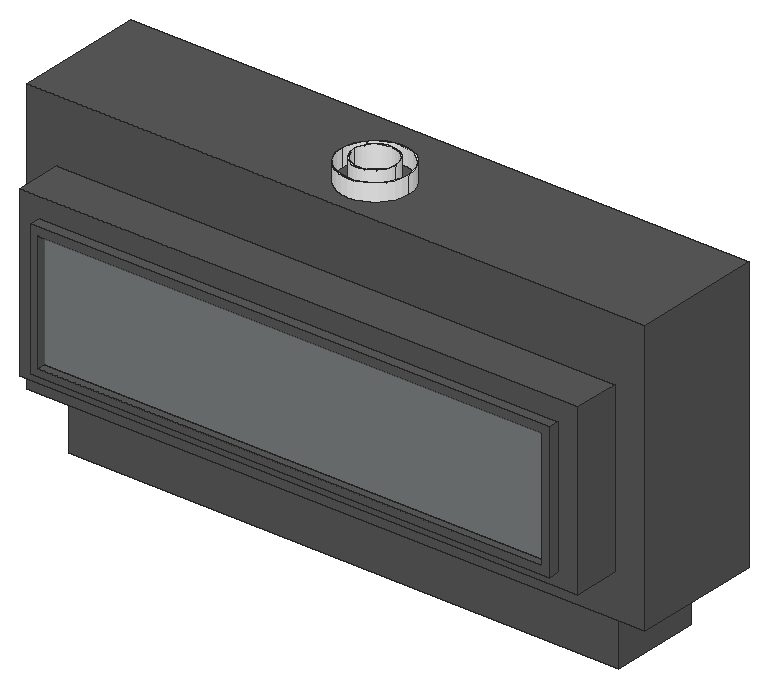
Revit family "R520", category Generic Models, Revit 2019
Family settings
  Can host rebar = No
  Round Connector Dimension = Use Diameter
  Part Type = Normal
  Work Plane-Based = No
  Always vertical = Yes
  Cut with Voids When Loaded = No
  Shared = No
  Room Calculation Point = No
Parameters
  Width = 12 5/16"
  URL = "https://www.montigo.com/"
  Model = ""
  Manufacturer Fax = ""
  Manufacturer Website = "https://www.montigo.com/"
  Manufacturer Phone - Toll Free = "800-378-3115"
  Manufacturer Phone = ""
  Manufacturer Address = "27342 Gloucester Way  Langley, BC, Canada   V4W 4A1"
  Manufacturer = "Montigo"
  Length = 53 7/16"
  Keynote = ""
  Glazing Tint = Glass - Montigo - Tint as Specified
  Frame Material = Metal - Montigo - Black
  Firebox Material = Metal - Montigo - White
  Fire Place Length = 50 5/16"
  Fire Place Height = 24 1/2"
  Fire Place - Opening = 16 9/16"
  Description = "Montigo Fireplace as Specified"
  Base Height = 6 9/16"
Reference planes (in)
  plane 1 "Center (Front/Back)": y = 0
  plane 2: z = 0
  plane 3 "Center (Left/Right)": x = 0
  plane 4: x = -36.341
  plane 5: x = 36.341
Forms (in)
  Extrusion 1, solid, material "Metal - Montigo - Black" <- "Frame Material"
    sketch origin (0, 0, 0) x (1, 0, 0) y (0, 1, 0)
      loop
        line (-36.341, 7.6685) -> (-36.341, -7.5755) -> (36.34099, -7.5755) -> (36.34099, 7.6685) -> (-36.341, 7.6685)
    from 38.0595 to 5.875
  Extrusion 2, solid, material "Metal - Montigo - Black" <- "Frame Material"
    sketch origin (0, 0, 0) x (1, 0, 0) y (0, 1, 0)
      loop
        line (-32.3557, 4.1695) -> (-32.3557, -6.40942) -> (32.3247, -6.40942) -> (32.3247, 4.1695) -> (-32.3557, 4.1695)
    from 5.875 to 0
  Extrusion 3, solid, material "Metal - Montigo - Black" <- "Frame Material"
    sketch origin (0, 0, 0) x (1, 0, 0) y (0, 1, 0)
      loop
        line (-32.776, -7.5755) -> (-32.776, -13.0105) -> (32.77599, -13.0105) -> (32.77599, -7.5755) -> (-32.776, -7.5755)
    from 30.622 to 10.843
  Extrusion 4, solid, material "Metal - Montigo - Black" <- "Frame Material"
    sketch origin (0, -5.435, 0) x (1, 0, 0) y (0, 1, 0)
      loop
        line (-30.518, -7.5755) -> (-30.518, -8.857) -> (30.519, -8.857) -> (30.519, -7.5755) -> (-30.518, -7.5755)
    from 28.27255 to 12.429
  Extrusion 5, void
    sketch origin (42.25, -6.4375, 0) x (-1, 0, 0) y (0, 0, -1)
      loop
        line (71.883, -13.344) -> (12.617, -13.344) -> (12.617, -27.358) -> (71.883, -27.358) -> (71.883, -13.344)
    from 7 to 12
Cuts and joins
  Extrusion 5 cuts Extrusion 1
  Extrusion 5 cuts Extrusion 3
  Extrusion 5 cuts Extrusion 4
Dimensions and locks (in)
  Extrusion 1 to Extrusion 1 to level = 32.1845", 5 7/8"
  Extrusion 1 to level = 38.0595"
  Extrusion 1 to Extrusion 1 = 72.68199"
  equal spacing: plane 4, plane 3 "Center (Left/Right)", plane 5
  plane 4 to plane 5 = 72.68199"
  locked: plane 4 to cut or joined group of Extrusion 3, Extrusion 5 at 3.565
  locked: cut or joined group of Extrusion 3, Extrusion 5 to plane 5 at 3.565
  cut or joined group of Extrusion 4, Extrusion 5 to cut or joined group of Extrusion 3, Extrusion 5 = 2.257"
  locked: cut or joined group of Extrusion 3, Extrusion 5 to cut or joined group of Extrusion 4, Extrusion 5 at 2.258
  locked: cut or joined group of Extrusion 4, Extrusion 5 to cut or joined group of Extrusion 4, Extrusion 5 at 0.885
  locked: cut or joined group of Extrusion 4, Extrusion 5 to cut or joined group of Extrusion 4, Extrusion 5 at 0.886
  locked: plane 4 to Extrusion 2 at 3.9853
  locked: Extrusion 2 to plane 5 at 4.0163
  cut or joined group of Extrusion 1, Extrusion 5 to nested 1 = 9 1/2"
  nested 4 to level = 31 15/16"
  aligned and locked: level to plane 2
  aligned and locked: plane 3 "Center (Left/Right)" to nested 1
  aligned and locked: plane 3 "Center (Left/Right)" to nested 2
  aligned and locked: plane 3 "Center (Left/Right)" to nested 4
  aligned and locked: plane 3 "Center (Left/Right)" to nested 3
Automatic sketch dimensions
  Extrusion 1 sketch curve to plane 4 = 0"
  plane 5 to Extrusion 1 sketch curve = 0"
  plane 1 "Center (Front/Back)" to Extrusion 1 sketch curve = 7.5755"
  Extrusion 1 sketch curve to plane 1 "Center (Front/Back)" = 7.6685"
  plane 4 to Extrusion 2 sketch curve = 3.9853"
  plane 5 to Extrusion 2 sketch curve = 4.0163"
  plane 1 "Center (Front/Back)" to Extrusion 2 sketch curve = 6.40942"
  Extrusion 2 sketch curve to plane 1 "Center (Front/Back)" = 4.1695"
  plane 4 to Extrusion 3 sketch curve = 3.565"
  plane 5 to Extrusion 3 sketch curve = 3.565"
  plane 1 "Center (Front/Back)" to Extrusion 3 sketch curve = 13.0105"
  Extrusion 3 sketch curve to Extrusion 3 sketch curve = 5.435"
  plane 4 to Extrusion 4 sketch curve = 5.823"
  plane 5 to Extrusion 4 sketch curve = 5.822"
  plane 1 "Center (Front/Back)" to Extrusion 4 sketch curve = 14.292"
  Extrusion 4 sketch curve to Extrusion 4 sketch curve = 1.2815"
  plane 5 to Extrusion 5 sketch curve = 6.708"
  plane 4 to Extrusion 5 sketch curve = 6.708"
  level to Extrusion 5 sketch curve = 27.358"
  level to Extrusion 5 sketch curve = 13.344"
Nested families (in)
  nested 1: "Duct Dia" at (0, -1.8315, 38.0595), type "5""
    with Intake Duct Dia 5", Intake Diameter 4 7/8", Height 2 1/2"
  nested 2: "Duct Dia" at (0, -1.8315, 38.0595), type "8""
    with Intake Duct Dia 8", Intake Diameter 7 7/8", Height 2"
  nested 3: "Duct Dia" at (0, 7.6685, 31.9375) x (1, 0, 0) z (0, 1, 0), type "5""
    with Intake Duct Dia 5", Intake Diameter 4 7/8", Height 2 1/2"
  nested 4: "Duct Dia" at (0, 7.6685, 31.9375) x (1, 0, 0) z (0, 1, 0), type "8""
    with Intake Duct Dia 8", Intake Diameter 7 7/8", Height 2"
Connectors (in)
  hvac at (0, -1.8315, 40.5595)
    settings: on nested 1, index 1, duct flow 0.0 L/s, flow factor 0, pres drop 0.0 Pa, loss coef 0, conn angle 0.00°, conn width 304.8 mm, conn height 304.8 mm, conn diameter 127 mm, duct sys type 1, conn prof type 0, flow config 0, flow direction 0, loss method 0, conn ref index -1, conn util no, is conn primary yes, conn desc ""
  hvac at (0, -1.8315, 40.0595)
    settings: on nested 2, index 2, duct flow 0.0 L/s, flow factor 0, pres drop 0.0 Pa, loss coef 0, conn angle 0.00°, conn width 304.8 mm, conn height 304.8 mm, conn diameter 203.2 mm, duct sys type 1, conn prof type 0, flow config 0, flow direction 0, loss method 0, conn ref index -1, conn util no, is conn primary no, conn desc ""
  hvac at (0, 10.1685, 31.9375)
    settings: on nested 3, index 3, duct flow 0.0 L/s, flow factor 0, pres drop 0.0 Pa, loss coef 0, conn angle 0.00°, conn width 304.8 mm, conn height 304.8 mm, conn diameter 127 mm, duct sys type 1, conn prof type 0, flow config 0, flow direction 0, loss method 0, conn ref index -1, conn util no, is conn primary no, conn desc ""
  hvac at (0, 9.6685, 31.9375)
    settings: on nested 4, index 4, duct flow 0.0 L/s, flow factor 0, pres drop 0.0 Pa, loss coef 0, conn angle 0.00°, conn width 304.8 mm, conn height 304.8 mm, conn diameter 203.2 mm, duct sys type 1, conn prof type 0, flow config 0, flow direction 0, loss method 0, conn ref index -1, conn util no, is conn primary no, conn desc ""
Definition of nested family "Duct Dia"
  Parameters (values of type "15 7/8" Dia.")
    Intake Duct Dia = 15 7/8"
    Intake Diameter = Intake Duct Dia - 1/8"  # 15 3/4"
    Height = 4"
    Firebox Material = none
    Default Elevation = 48"
  Types (12): name | Intake Duct Dia | Intake Diameter | Height
    9 7/8" Dia. | 9 7/8" | 9 3/4" | 4"
    7 7/8" Dia | 7 7/8" | 7 3/4" | 4"
    8 1/8" Dia | 8 1/8" | 8" | 1/4"
    11 3/4" Dia | 11 3/4" | 11 5/8" | 4"
    4" Dia | 10" | 9 7/8" | 4"
    7 3/4" Dia | 7 3/4" | 7 5/8" | 4"
    6 7/8" Dia | 6 7/8" | 6 3/4" | 1/4"
    9 3/4" Dia. | 9 3/4" | 9 5/8" | 4"
    7 1/8" Dia | 7 1/8" | 7" | 1/4"
    11 7/8" Dia. | 11 7/8" | 11 3/4" | 4"
    13 7/8" Dia. | 13 7/8" | 13 3/4" | 4"
    15 7/8" Dia. | 15 7/8" | 15 3/4" | 4"
  Reference planes (in)
    plane 1 "Center (Front/Back)": y = 0
    plane 2: z = 0
    plane 3 "Center (Left/Right)": x = 0
    plane 4: z = 4
  Forms (in)
    Extrusion 1, solid
      sketch origin (0, 0, 0) x (1, 0, 0) y (0, 1, 0)
        loop
          line (-48, 48) -> (-48, -48) -> (48, -48) -> (48, 48) -> (-48, 48)
      from 0 to -12
    Extrusion 2, solid, material <- "Firebox Material"
      sketch origin (0, 0, 0) x (1, 0, 0) y (0, 1, 0)
        loop
          circle (0, 0) r 7.9375
        loop
          circle (0, 0) r 7.875
      from 0 to 4
  Dimensions and locks (in)
    "Height": plane 4 to level
    "Intake Duct Dia": diameter of Extrusion 2 sketch curve
    "Intake Diameter": diameter of Extrusion 2 sketch curve
    aligned and locked: plane 2 to Extrusion 1
    aligned and locked: level to Extrusion 1
    aligned and locked: plane 4 to Extrusion 2
  Automatic sketch dimensions
    Extrusion 1 sketch curve to Extrusion 1 sketch curve = 96"  (x2)
    Extrusion 2 sketch curve to Extrusion 2 sketch curve = 0"  (x2)
    plane 1 "Center (Front/Back)" to Extrusion 2 sketch curve = 0"
    Extrusion 2 sketch curve to plane 3 "Center (Left/Right)" = 0"
